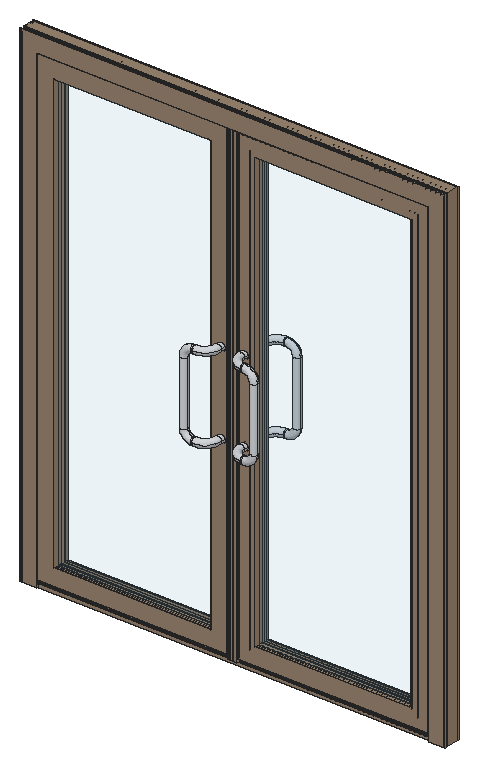
Revit family "3_Дверь наружного открывания двустворчатая_V72-D01", category Двери, Revit 2019
Family settings
  Основа = Стена
  Номер OmniClass = 23.30.20.17.11
  Заголовок OmniClass = Fixed Windows
  Всегда вертикально = Да
  При загрузке вырезать с полостями = Нет
  Общий = Нет
  Точка расчета площади = Нет
Parameters (values of type "V72 Дверь двустворчатая")
  Width [instance] = 0.00 mm  # constant formula
  Монтажный зазор.Верх [instance] = 25.00 mm
  VIDNAL_Ширина створки прав. [instance] = 845.50 mm
  VIDNAL_Ширина створки лев. [instance] = ADSK_Ширина рамы - VIDNAL_Ширина створки прав. - 105.00 mm  # 849.50 mm
  VIDNAL_Ширина проема [instance] = ADSK_Ширина рамы + Монтажный зазор.Правый + Монтажный зазор.Левый  # 1850.00 mm
  VIDNAL_Цвет конструкции = ""
  VIDNAL_Фурнитура [instance] = ""
  VIDNAL_Формула стеклопакета [instance] = ""
  VIDNAL_Толщина стеклопакета [instance] = ""
  VIDNAL_Сопротивление ветровой нагрузке = ""
  VIDNAL_Система профилей [instance] = "V72"  # constant formula
  VIDNAL_Площадь изделия [instance] = ADSK_Ширина рамы * ADSK_Высота рамы  # 3.78 m²
  VIDNAL_Звукоизоляция [instance] = ""
  VIDNAL_Глубина вставки [instance] = 150.00 mm
  VIDNAL_Высота ручки = 1000.00 mm
  VIDNAL_Высота проема [instance] = ADSK_Высота рамы + Монтажный зазор.Верх  # 2125.00 mm
  Глубина профиля [instance] = 72.00 mm  # constant formula
  Rough Width = 0.00 mm  # constant formula
  Rough Height = 0.00 mm  # constant formula
  Описание = "Окно"
  Обозначение = "ГОСТ 23747-2015"
  Наименование = ""
  Монтажный зазор.Правый [instance] = 25.00 mm
  Монтажный зазор.Левый [instance] = 25.00 mm
  Марка проема [instance] = ""
  Model = ""
  Стекло = АС_Стекло
  Рама = Алюминий
  Type Comments = ""
  Assembly Code = ""
  Wall Closure = (empty or 0)
  Height [instance] = 0.00 mm  # constant formula
  Аналитическая конструкция = "<Нет>"
  VIDNAL_Возухопроницаемость [instance] = ""
  VIDNAL_Водонепроницаемость [instance] = ""
  VIDNAL_Rприв. профиля со стеклопакетом [instance] = ""
  ADSK_Ширина рамы [instance] = 1800.00 mm
  ADSK_Позиция [instance] = ""
  ADSK_Завод-изготовитель [instance] = "VIDNAL"  # constant formula
  ADSK_Высота рамы [instance] = 2100.00 mm
Reference planes
  plane 1 "Глубина профиля": y = -112
  plane 2: z = 0
  plane 3 "Слева": x = -922.6
  plane 4 "Справа": x = 927.4
  plane 5 "низ створки": z = 9
  plane 6 "ВЕРХ": z = 2125
  plane 7 "Внутренняя": y = -190
  plane 8 "Вставка двери": y = -40
  plane 9 "рама лев": x = -897.6
  plane 10 "рама прав": x = 902.4
  plane 11 "рама верх": z = 2100
  plane 12: y = 190
  plane 13 "верх створки": z = 2050
  plane 14 "низ порога": z = 0
  plane 15 "створка лев": x = -845.6
  plane 16 "створка прав": x = 850.4
  plane 17 "ось штульпа": x = 2.4
  plane 18 "створка прав2": x = 4.9
  plane 19 "створка лев2": x = -0.1
Forms (mm)
  Extrusion 1, void, detail levels medium+fine
    sketch origin (0, 38, 0) x (0, 0, 1) y (-1, 0, 0)
      loop
        line (2125, -927.4) -> (2125, 922.6) -> (0, 922.6) -> (0, -927.4) -> (2125, -927.4)
    from -152 to 228
  Sweep 2, solid, material "Алюминий" <- "Рама"
    path origin (0, -40, 0) x (0, 0, -1) y (-1, 0, 0)
      loop
        line (0, 897.6) -> (-2100, 897.6) -> (-2100, -902.4) -> (0, -902.4)
    profile "Профиль_Рама_дверь_наруж_141-241 : Профиль_Рама_дверь_наруж_141-241" origin (-897.6, -40, 1050) x (1, 0, 0) y (0, 1, 0)
      loop
        line (45.25, -62.15) -> (50.25, -62.15) -> (50.25, -37.8) -> (1.75, -37.8) -> (1.75, -50.4) -> (6.75, -50.4) -> (6.75, -70.2) -> (45.25, -70.2) -> (45.25, -62.15)
      loop
        line (1.836, -16.171) -> (1.836, -29.761) -> (9.375, -36) -> (42.625, -36) -> (50.138, -29.758) -> (50.138, -16.442) -> (42.625, -10) -> (9.375, -10) -> (1.836, -16.171)
      loop
        line (45.25, -1.8) -> (6.75, -1.8) -> (6.75, -8.2) -> (45.25, -8.2) -> (45.25, -1.8)
      loop
        line (69, -72) -> (69, -63.75) -> (64, -63.75) -> (64, -64.874) -> (68.056, -64.874) -> (68.056, -66.837) -> (62, -66.837) -> (62, -70.5) -> (47, -70.5) -> (47, -63.75) -> (52, -63.75) -> (52, -10.05) -> (57, -10.05) -> (57, -7.249) -> (51.61, -7.249) -> (51.61, -5.378) -> (59, -5.378) -> (59, -4.25) -> (49.975, -4.25) -> (49.975, -8.3) -> (47, -8.3) -> (47, 0) -> (0, 0) -> (0, -2.5) -> (1.5, -2.5) -> (1.5, -1.5) -> (5, -1.5) -> (5, -8.5) -> (1.5, -8.5) -> (1.5, -7.5) -> (0, -7.5) -> (0, -53.903) -> (2, -53.903) -> (2, -52) -> (5, -52) -> (5, -70.25) -> (2, -70.25) -> (2, -67.995) -> (0, -67.995) -> (0, -72) -> (47, -72) -> (69, -72)
  Sweep 3, solid, material "Алюминий"
    path origin (-0.048, -40, -6.25) x (0, 0, -1) y (-1, 0, 0)
      loop
        line (-2037.25, -2.4) -> (-20.75, -2.4)
    profile "Профиль_Штульп_дверь_172-272 : Профиль_Штульп_дверь_172-272" origin (2.352, -40, 1022.75) x (-1, 0, 0) y (0, 1, 0)
      loop
        line (-12.686, -16.24) -> (-12.686, -29.76) -> (-7.271, -33.633) -> (-6.048, -35.483) -> (-4.825, -33.633) -> (0.6, -29.76) -> (0.6, -16.24) -> (-4.825, -12.365) -> (-6.043, -10.524) -> (-7.335, -12.399) -> (-12.686, -16.24)
      loop
        line (-13.048, -37.699) -> (-13.048, -65.199) -> (-18.048, -65.199) -> (-18.048, -70.499) -> (0.752, -70.499) -> (0.752, -37.699) -> (-13.048, -37.699)
      loop
        line (-19.548, -8.249) -> (-19.548, -9.999) -> (-14.548, -9.999) -> (-14.548, -63.699) -> (-19.548, -63.699) -> (-19.548, -71.999) -> (19.452, -71.999) -> (19.452, -67.799) -> (17.452, -67.799) -> (17.452, -68.799) -> (18.452, -68.799) -> (18.452, -70.799) -> (13.452, -70.799) -> (13.452, -68.799) -> (14.452, -68.799) -> (14.452, -67.799) -> (12.452, -67.799) -> (12.452, -70.499) -> (2.452, -70.499) -> (2.452, -9.999) -> (7.452, -9.999) -> (7.452, -8.249) -> (-2.548, -8.249) -> (-2.548, -4.199) -> (-6.048, -4.199) -> (-6.048, -3.05) -> (-7.548, -3.05) -> (-7.548, -5.749) -> (-4.048, -5.749) -> (-4.048, -8.249) -> (-19.548, -8.249)
  Sweep 4, solid, material "Алюминий"
    path origin (0, -111.992, 0) x (0, 0, -1) y (1, 0, 0)
      loop
        line (0, -843.6) -> (0, 848.4)
    profile "Профиль_Порог_174-174 : Профиль_Порог_174-174" origin (2.4, -111.992, 0) x (0, 0, 1) y (0, -1, 0)
      loop
        line (12.138, -40.964) -> (12.138, -27.444) -> (6.993, -23.699) -> (1.849, -27.442) -> (1.849, -40.961) -> (6.993, -44.704) -> (12.138, -40.964)
      loop
        line (16, -67.792) -> (16, -66.646) -> (9, -66.646) -> (9, -64.793) -> (14, -64.793) -> (14, -18.099) -> (23.3, -18.099) -> (23.3, -10.173) -> (13.938, -10.173) -> (14, -4.7) -> (0, -4.7) -> (0, -6.323) -> (1.001, -6.323) -> (1.001, -19.4) -> (0, -19.4) -> (0, -49.003) -> (1.001, -49.003) -> (1.001, -62.08) -> (0, -62.08) -> (0, -63.703) -> (7.331, -63.703) -> (7.331, -67.792) -> (16, -67.792)
      loop
        line (7.68, -15.726) -> (8.867, -14.539)
        arc (8.867, -14.539) -> (10.418, -16.746) -> (9.94, -19.4) r 3.5
        line (9.94, -19.4) -> (11.8, -19.4) -> (11.8, -6.498) -> (2.5, -6.498) -> (2.5, -19.4) -> (4.061, -19.4)
        arc (4.061, -19.4) -> (3.582, -16.746) -> (5.134, -14.539) r 3.5
        line (5.134, -14.539) -> (6.32, -15.726)
        arc (6.32, -15.726) -> (7, -19.4) -> (7.68, -15.726) r 1.9
      loop
        arc (7.68, -52.677) -> (7, -49.003) -> (6.32, -52.677) r 1.9
        line (6.32, -52.677) -> (5.134, -53.864)
        arc (5.134, -53.864) -> (3.582, -51.658) -> (4.061, -49.003) r 3.5
        line (4.061, -49.003) -> (2.5, -49.003) -> (2.5, -61.905) -> (11.8, -61.905) -> (11.8, -49.003) -> (9.94, -49.003)
        arc (9.94, -49.003) -> (10.418, -51.658) -> (8.867, -53.864) r 3.5
        line (8.867, -53.864) -> (7.68, -52.677)
Lines and regions (mm)
  symbolic lines
    curve 1: line (-163.1, -40, 12.137) -> (-163.1, -40, 9)
    curve 2: line (-163.1, -112, 9) -> (-163.1, -112, 12.137)
    curve 4: line (-163.1, -40, 2100) -> (-163.1, -40, 2125)
    curve 6: line (-163.1, -112, 2125) -> (-163.1, -112, 2100)
  symbolic lines, detail levels fine
    curve 3: line (-163.1, -40, 2125) -> (-163.1, -112, 2125)
    curve 5: line (-163.1, -112, 2100) -> (-163.1, -40, 2100)
  symbolic lines, detail levels coarse
    curve 7: line (927.4, -40, 2125) -> (927.4, -40, 9)
    curve 8: line (927.4, -112, 2125) -> (927.4, -112, 9)
Text (mm)
  text "Наружный" at (-2011.448, 646.123, 0), in view "Линия этажа"
  text "Внутренний" at (-2011.448, -562.523, 0), in view "Линия этажа"
  text "Наружный" at (0, 1108.87, 3415.022), in view "Слева"
  text "Наружный" at (0, 464.664, 3176.206), in view "Справа"
Dimensions and locks
  plane 3 "Слева" to plane 4 "Справа" = 1850.00 mm
  "Монтажный зазор.Правый": plane 10 "рама прав" to plane 4 "Справа"
  plane 5 "низ створки" to plane 5 "низ створки" = 0.00 mm
  "ADSK_Ширина рамы": plane 9 "рама лев" to plane 10 "рама прав"
  "Монтажный зазор.Левый": plane 3 "Слева" to plane 9 "рама лев"
  "Монтажный зазор.Верх": plane 11 "рама верх" to plane 6 "ВЕРХ"
  "VIDNAL_Глубина вставки": plane 8 "Вставка двери" to plane 7 "Внутренняя"
  "Глубина профиля": plane 8 "Вставка двери" to plane 1 "Глубина профиля"
  plane 9 "рама лев" to plane 15 "створка лев" = 52.00 mm
  plane 16 "створка прав" to plane 10 "рама прав" = 52.00 mm
  plane 11 "рама верх" to plane 13 "верх створки" = 50.00 mm
  plane 5 "низ створки" to plane 2 = 9.00 mm
  "ADSK_Высота рамы": plane 11 "рама верх" to plane 2
  locked: plane 17 "ось штульпа" to plane 18 "створка прав2" at 2.5
  locked: plane 19 "створка лев2" to plane 17 "ось штульпа" at 2.5
  "VIDNAL_Ширина створки прав.": plane 18 "створка прав2" to plane 16 "створка прав"
  locked: nested 2 to plane 14 "низ порога" at 9
  aligned and locked: plane 7 "Внутренняя" to host wall
  aligned and locked: plane 8 "Вставка двери" to curve 4
  aligned and locked: level to plane 2
  aligned and locked: host wall to Extrusion 1  (x2)
  aligned and locked: plane 4 "Справа" to Extrusion 1 sketch curve
  aligned and locked: plane 18 "створка прав2" to nested 1
  aligned and locked: nested 2 to plane 19 "створка лев2"
  aligned and locked: nested 2 to plane 13 "верх створки"
  aligned and locked: nested 1 to plane 13 "верх створки"
  aligned and locked: nested 1 to plane 5 "низ створки"
  aligned and locked: nested 2 to Sweep 2
  aligned and locked: plane 15 "створка лев" to nested 2
  aligned and locked: nested 1 to Sweep 2
  aligned and locked: Sweep 2 to Sweep 3 sketch curve
  aligned and locked: plane 1 "Глубина профиля" to nested 2
  aligned and locked: plane 1 "Глубина профиля" to nested 1
  aligned and locked: plane 14 "низ порога" to level
  aligned and locked: nested 2 to plane 5 "низ створки"
  aligned and locked: Sweep 4 to level
Automatic sketch dimensions
  Extrusion 1 sketch curve to level = 0.00 mm
  Extrusion 1 sketch curve to plane 6 "ВЕРХ" = 0.00 mm
  plane 3 "Слева" to Extrusion 1 sketch curve = 0.00 mm
  plane 5 "низ створки" to curve 7 = 0.00 mm
  curve 7 to plane 8 "Вставка двери" = 0.00 mm
  curve 8 to plane 1 "Глубина профиля" = 0.00 mm
  plane 5 "низ створки" to curve 8 = 0.00 mm
  plane 6 "ВЕРХ" to curve 8 = 0.00 mm
  plane 6 "ВЕРХ" to curve 7 = 0.00 mm
  Sweep 2 sketch curve to plane 9 "рама лев" = 0.00 mm
  Sweep 2 sketch curve to plane 11 "рама верх" = 0.00 mm
  Sweep 2 sketch curve to level = 0.00 mm  (x2)
  plane 10 "рама прав" to Sweep 2 sketch curve = 0.00 mm
  Sweep 3 sketch curve to plane 17 "ось штульпа" = 0.048 mm
  Sweep 3 sketch curve to plane 5 "низ створки" = 5.50 mm
  Sweep 4 sketch curve to plane 14 "низ порога" = 0.00 mm
  plane 15 "створка лев" to Sweep 4 sketch curve = 2.00 mm
  plane 16 "створка прав" to Sweep 4 sketch curve = 2.00 mm
  curve 3 to plane 1 "Глубина профиля" = 0.00 mm
  curve 4 to plane 8 "Вставка двери" = 0.00 mm
  plane 5 "низ створки" to curve 1 = 0.00 mm
  plane 5 "низ створки" to curve 2 = 0.00 mm
  curve 5 to plane 11 "рама верх" = 0.00 mm
  plane 6 "ВЕРХ" to curve 3 = 0.00 mm
  curve 2 to plane 1 "Глубина профиля" = 0.00 mm
  curve 1 to plane 8 "Вставка двери" = 0.00 mm
  curve 2 to plane 5 "низ створки" = 3.137 mm
  curve 1 to plane 5 "низ створки" = 3.137 mm
Nested families
  nested 1: "СТВОРКА дверная наруж" at (4.9, -40, 9), type "Поворотная право"
    with Створка.Ширина 845.50 mm, Створка.Высота 2041.00 mm, Высота импоста 900.00 mm, VIDNAL_Высота ручки 1011.00 mm
  nested 2: "СТВОРКА дверная наруж" at (-845.6, -40, 9), type "Поворотная лево"
    with Створка.Ширина 845.50 mm, Створка.Высота 2041.00 mm, Высота импоста 900.00 mm, VIDNAL_Высота ручки 1008.17 mm
Definition of nested family "СТВОРКА дверная наруж"
  Parameters (values of type "Поворотная лево")
    отк лев = yes
    от пр = no
    Стекло = none
    Створка.Ширина [instance] = 800.00 mm
    Створка.Высота [instance] = 1800.00 mm
    Створка VIDNAL = none
    Ручка.Справа = yes
    Ручка.Слева = no
    Открытие = yes
    Габариты заполнения = 73.00 mm
    Высота импоста [instance] = 900.00 mm
    Analytic Construction = "<Нет>"
    VIDNAL_Высота ручки [instance] = 1000.00 mm
  Types (2, lengths in mm): name | отк лев | от пр | Ручка.Справа | Ручка.Слева
    Поворотная право | no | yes | no | yes
    Поворотная лево | yes | no | yes | no
  Reference planes
    plane 1 "Center (Front/Back)": y = 0
    plane 2 "Bottom": z = 0
    plane 3 "Left": x = 0
    plane 4 "Right": x = 800
    plane 5 "Top": z = 1800
    plane 6 "ось": z = 900
    plane 7: x = 73
    plane 8: x = 727
    plane 9: y = -8
    plane 10: y = -52
    plane 11: z = 1727
    plane 12: z = 73
    plane 13 "ручка прав": x = 754
    plane 14 "ручка лев": x = 46
    plane 15: z = 1000
    plane 16: x = 91
    plane 17: x = 709
  Forms (mm)
    Extrusion 1, solid, material <- "Стекло"
      sketch origin (0, 0, -100) x (1, 0, 0) y (0, 0, 1)
        loop
          line (73, 173) -> (727, 173) -> (727, 1827) -> (73, 1827) -> (73, 173)
      from 52 to 8
    Sweep 2, solid
      path origin (0, 0, 0) x (1, 0, 0) y (0, 0, 1)
        loop
          line (0, 1800) -> (0, 0) -> (800, 0) -> (800, 1800) -> (0, 1800)
      profile "Профиль_Створка_дверь_наруж_162-242 : Профиль_Створка_дверь_наруж_162-242" origin (400, 0, 1800) x (0, 0, 1) y (0, -1, 0)
        loop
          line (-22, 63.7) -> (-22, 72) -> (-91, 72) -> (-91, 53.119) -> (-91, 52) -> (-83.992, 52) -> (-84, 53.119) -> (-84, 59.213) -> (-74.325, 53.6) -> (-69, 53.6) -> (-69, 8.3) -> (-64, 8.3) -> (-64, 1.5) -> (-84, 1.5) -> (-84, 3.2) -> (-82.5, 3.2) -> (-82.5, 4.2) -> (-84.631, 4.2) -> (-84.631, 8) -> (-90.967, 8) -> (-90.967, 0) -> (-22, 0) -> (0, 0) -> (0, 4.2) -> (-2.5, 4.2) -> (-2.5, 3.051) -> (-1.5, 3.051) -> (-1.5, 1.5) -> (-5.57, 1.5) -> (-5.57, 3.051) -> (-4.57, 3.051) -> (-4.57, 4.2) -> (-7, 4.2) -> (-7, 1.5) -> (-22, 1.5) -> (-22, 8.25) -> (-17, 8.25) -> (-17, 62) -> (-12, 62) -> (-12, 63.7) -> (-22, 63.7)
        loop
          line (-18.848, 16.171) -> (-18.848, 29.761) -> (-26.388, 36) -> (-59.637, 36) -> (-67.15, 29.758) -> (-67.15, 16.442) -> (-59.637, 10) -> (-26.388, 10) -> (-18.848, 16.171)
        loop
          line (-62.25, 1.8) -> (-23.75, 1.8) -> (-23.75, 8.2) -> (-62.25, 8.2) -> (-62.25, 1.8)
        loop
          line (-18.75, 37.8) -> (-18.75, 62.1) -> (-23.75, 62.1) -> (-23.75, 70.2) -> (-62.25, 70.2) -> (-62.25, 50.4) -> (-67.25, 50.4) -> (-67.25, 37.8) -> (-18.75, 37.8)
        loop
          line (-74.002, 54.8) -> (-64, 54.8) -> (-64, 66.8) -> (-70.7, 66.8) -> (-70.7, 70.6) -> (-89.6, 70.6) -> (-89.6, 60.6) -> (-84, 60.6) -> (-74.002, 54.8)
  Lines and regions (mm)
    symbolic lines, not visible
      curve 1: line (400, 0, 950) -> (400, 0, 850)
      curve 2: line (350, 0, 900) -> (450, 0, 900)
    symbolic lines, visible <- "от пр"
      curve 3: line (710, -75, 1710) -> (90, -75, 900)
      curve 4: line (90, -75, 900) -> (710, -75, 90)
    symbolic lines, visible <- "отк лев"
      curve 5: line (90, -75, 90) -> (710, -75, 900)
      curve 6: line (710, -75, 900) -> (90, -75, 1710)
  Dimensions and locks
    "Створка.Ширина": plane 4 "Right" to plane 3 "Left"
    "Створка.Высота": plane 5 "Top" to plane 2 "Bottom"
    equal spacing: plane 3 "Left", curve 1, plane 4 "Right"
    locked: plane 9 to plane 1 "Center (Front/Back)" at 8
    "Габариты заполнения": plane 3 "Left" to plane 7
    "Габариты заполнения": plane 8 to plane 4 "Right"
    "Габариты заполнения": plane 12 to plane 2 "Bottom"
    "Габариты заполнения": plane 5 "Top" to plane 11
    plane 14 "ручка лев" to plane 3 "Left" = 46.00 mm
    plane 13 "ручка прав" to plane 4 "Right" = 46.00 mm
    locked: plane 3 "Left" to plane 14 "ручка лев" at 46
    "VIDNAL_Высота ручки": plane 15 to plane 2 "Bottom"
    plane 3 "Left" to plane 16 = 91.00 mm
    plane 17 to plane 4 "Right" = 91.00 mm
    locked: plane 13 "ручка прав" to plane 4 "Right" at 46
    plane 9 to plane 10 = 44.00 mm
    plane 5 "Top" to plane 6 "ось" to plane 2 "Bottom" = 900.00 mm, 900.00 mm
    equal spacing: plane 5 "Top", plane 6 "ось", plane 2 "Bottom"
    aligned and locked: level to plane 2 "Bottom"
    aligned and locked: plane 6 "ось" to curve 4
    aligned and locked: plane 6 "ось" to curve 6
    aligned and locked: Extrusion 1 to plane 7
    aligned and locked: Extrusion 1 to plane 9
    aligned and locked: Extrusion 1 to plane 10
    aligned and locked: plane 8 to Extrusion 1
    aligned and locked: Extrusion 1 to plane 12
    aligned and locked: plane 11 to Extrusion 1
    aligned and locked: nested 1 to plane 14 "ручка лев"
    aligned and locked: nested 1 to plane 15
    aligned and locked: plane 15 to nested 2
    aligned and locked: plane 13 "ручка прав" to nested 2
    aligned and locked: plane 14 "ручка лев" to nested 3
    aligned and locked: nested 4 to plane 13 "ручка прав"
    aligned and locked: plane 15 to nested 3
    aligned and locked: nested 4 to plane 15
  Automatic sketch dimensions
    plane 7 to Extrusion 1 sketch curve = 0.00 mm
    Extrusion 1 sketch curve to plane 8 = 0.00 mm
    Extrusion 1 sketch curve to plane 12 = 0.00 mm
    Extrusion 1 sketch curve to plane 11 = 0.00 mm
    plane 7 to curve 6 = 17.00 mm
    plane 7 to curve 5 = 17.00 mm
    plane 7 to curve 4 = 17.00 mm
    curve 5 to plane 8 = 17.00 mm
    curve 3 to plane 8 = 17.00 mm
    plane 12 to curve 5 = 17.00 mm
    plane 12 to curve 4 = 17.00 mm
    curve 3 to plane 11 = 17.00 mm
    curve 4 to plane 8 = 17.00 mm
    curve 6 to plane 11 = 17.00 mm
    Sweep 2 sketch curve to level = 0.00 mm
    Sweep 2 sketch curve to plane 3 "Left" = 0.00 mm
    plane 4 "Right" to Sweep 2 sketch curve = 0.00 mm
    Sweep 2 sketch curve to plane 5 "Top" = 0.00 mm
    curve 1 to plane 6 "ось" = 50.00 mm
    plane 6 "ось" to curve 1 = 50.00 mm
    curve 2 to curve 1 = 50.00 mm
    curve 1 to curve 2 = 50.00 mm
    curve 2 to plane 6 "ось" = 0.00 mm
  Nested families
    nested 1: "Ручка дверная прямоугольная" at (46, -70, 889.834), visible <- "Ручка.Слева", type "Ручка дверная прямоугольная"
      with Ручка высота установки 110.166 mm
    nested 2: "Ручка дверная прямоугольная" at (754, -70, 889.834) x (-1, 0, 0) z (0, 0, 1), visible <- "Ручка.Справа", type "Ручка дверная прямоугольная"
      with Ручка высота установки 110.166 mm
    nested 3: "Ручка дверная прямоугольная" at (46, 10, 889.834), visible <- "Ручка.Слева", type "Ручка дверная прямоугольная"
      with Ручка высота установки 110.166 mm
    nested 4: "Ручка дверная прямоугольная" at (754, 10, 889.834) x (-1, 0, 0) z (0, 0, 1), visible <- "Ручка.Справа", type "Ручка дверная прямоугольная"
      with Ручка высота установки 110.166 mm
  Definition of nested family "Ручка дверная прямоугольная"
    Parameters (values of type "Ручка дверная прямоугольная")
      Ручка высота установки [instance] = 110.166 mm
    Reference planes
      plane 1 "По центру (Вперед/Назад)": y = 0
      plane 2: z = 0
      plane 3 "По центру (Влево/Вправо)": x = 0
      plane 4: y = -10
      plane 5 "1": x = 55
      plane 6 "2": y = 74
      plane 7 "Высота ручки": z = 110.166
    Forms (mm)
      Extrusion 1, solid
        sketch origin (0, 0, 0) x (1, 0, 0) y (0, 0, 1)
          loop
            circle (0, 285.166) r 20
        from 0 to 10
      Extrusion 2, solid
        sketch origin (0, 0, 0) x (1, 0, 0) y (0, 0, 1)
          loop
            circle (0, -64.834) r 20
        from 0 to 10
      Sweep 3, solid
        path origin (0, 0, 0) x (1, 0, 0) y (0, 1, 0)
          loop
            line (0, 0) -> (0, 20)
            arc (0, 20) -> (15.816, 58.184) -> (54, 74) r 54
            line (54, 74) -> (55, 74)
        profile origin (0, 10, 0) x (-1, 0, 0) y (0, 0, 1)
          loop
            circle (0, 285.166) r 15
          loop
            circle (0, -64.834) r 15
      Sweep 4, solid
        path origin (0, 74, 0) x (-1, 0, 0) y (0, 0, 1)
          loop
            line (-55, 285.166) -> (-60, 285.166)
            arc (-60, 285.166) -> (-88.284, 273.45) -> (-100, 245.166) r 40
            line (-100, 245.166) -> (-100, -24.834)
            arc (-100, -24.834) -> (-88.284, -53.118) -> (-60, -64.834) r 40
            line (-60, -64.834) -> (-55, -64.834)
        profile origin (57.5, 74, 285.166) x (0, 0, -1) y (0, 1, 0)
          loop
            circle (0, 0) r 15
    Dimensions and locks
      plane 1 "По центру (Вперед/Назад)" to plane 4 = 10.00 mm
      locked: plane 4 to plane 6 "2" at 84
      locked: plane 3 "По центру (Влево/Вправо)" to plane 5 "1" at 55
      locked: Extrusion 1 sketch curve to plane 7 "Высота ручки" at 175
      locked: plane 7 "Высота ручки" to Extrusion 2 sketch curve at 175
      locked: Sweep 3 sketch curve to plane 7 "Высота ручки" at 175
      locked: plane 7 "Высота ручки" to Sweep 3 sketch curve at 175
      "Ручка высота установки": plane 7 "Высота ручки" to level
      locked: Sweep 4 sketch curve to Sweep 4 sketch curve at 350
      locked: Sweep 4 sketch curve to Sweep 4 sketch curve at 45  (x2)
      Sweep 4 sketch curve to plane 7 "Высота ручки" = 175.00 mm
      locked: Sweep 4 sketch curve to plane 3 "По центру (Влево/Вправо)" at 100
      aligned and locked: level to plane 2
      aligned and locked: plane 4 to Extrusion 1
      aligned and locked: plane 4 to Extrusion 2
    Automatic sketch dimensions
      Extrusion 1 sketch curve to plane 3 "По центру (Влево/Вправо)" = 0.00 mm
      Extrusion 2 sketch curve to plane 3 "По центру (Влево/Вправо)" = 0.00 mm
      Sweep 3 sketch curve to plane 3 "По центру (Влево/Вправо)" = 0.00 mm
      Sweep 3 sketch curve to plane 6 "2" = 0.00 mm
      Sweep 3 sketch curve to plane 5 "1" = 0.00 mm
      plane 1 "По центру (Вперед/Назад)" to Sweep 3 sketch curve = 0.00 mm
      Sweep 3 sketch curve to plane 5 "1" = 1.00 mm
      Sweep 3 sketch curve to profile plane = 0.00 mm  (x2)
      Sweep 4 sketch curve to plane 6 "2" = 0.00 mm
      Sweep 4 sketch curve to profile plane = 0.00 mm
      plane 5 "1" to Sweep 4 sketch curve = 5.00 mm  (x2)
      radius of Extrusion 1 sketch curve = 20.00 mm
      radius of Extrusion 2 sketch curve = 20.00 mm
      radius of Sweep 3 sketch curve = 15.00 mm  (x2)
      radius of Sweep 4 sketch curve = 15.00 mm
